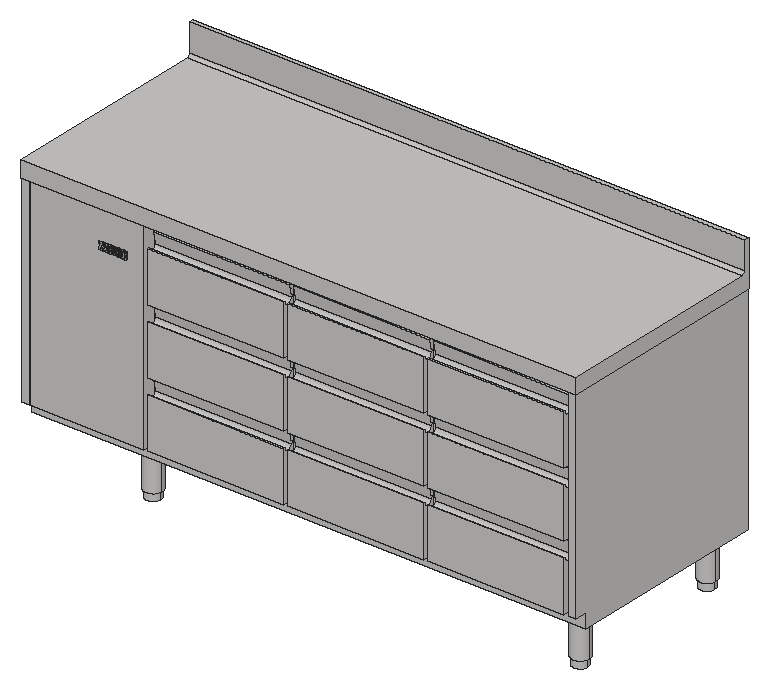
Revit family "QF_ZANUSSI_111050_ZH3H3CCC", category Specialty Equipment, Revit 2018 (continued)
Definition of nested family "ZAN_Cooling Unit"
  Lines and regions (mm)
    Split face 127
      outline origin (55.016, 2, -269.136) x (0, 0, 1) y (-1, 0, 0)
        loop
          arc (510.649, 158.547) -> (506.648, 162.548) -> (502.647, 158.547) r 4.001
          line (502.647, 158.547) -> (502.647, 116.535)
          arc (502.647, 116.535) -> (506.648, 112.533) -> (510.649, 116.535) r 4.001
          line (510.649, 116.535) -> (510.649, 158.547)
    Split face 128
      outline origin (55.016, 2, -281.14) x (0, 0, 1) y (-1, 0, 0)
        loop
          arc (510.649, 158.547) -> (506.648, 162.548) -> (502.647, 158.547) r 4.001
          line (502.647, 158.547) -> (502.647, 116.535)
          arc (502.647, 116.535) -> (506.648, 112.533) -> (510.649, 116.535) r 4.001
          line (510.649, 116.535) -> (510.649, 158.547)
    Split face 129
      outline origin (55.016, 2, -293.144) x (0, 0, 1) y (-1, 0, 0)
        loop
          arc (510.649, 158.547) -> (506.648, 162.548) -> (502.647, 158.547) r 4.001
          line (502.647, 158.547) -> (502.647, 116.535)
          arc (502.647, 116.535) -> (506.648, 112.533) -> (510.649, 116.535) r 4.001
          line (510.649, 116.535) -> (510.649, 158.547)
    Split face 130
      outline origin (110.032, 2, -113.091) x (0, 0, 1) y (-1, 0, 0)
        loop
          arc (510.649, 158.547) -> (506.648, 162.548) -> (502.647, 158.547) r 4.001
          line (502.647, 158.547) -> (502.647, 116.535)
          arc (502.647, 116.535) -> (506.648, 112.533) -> (510.649, 116.535) r 4.001
          line (510.649, 116.535) -> (510.649, 158.547)
    Split face 131
      outline origin (110.032, 2, -125.094) x (0, 0, 1) y (-1, 0, 0)
        loop
          arc (510.649, 158.547) -> (506.648, 162.548) -> (502.647, 158.547) r 4.001
          line (502.647, 158.547) -> (502.647, 116.535)
          arc (502.647, 116.535) -> (506.648, 112.533) -> (510.649, 116.535) r 4.001
          line (510.649, 116.535) -> (510.649, 158.547)
    Split face 132
      outline origin (110.032, 2, -137.098) x (0, 0, 1) y (-1, 0, 0)
        loop
          arc (510.649, 158.547) -> (506.648, 162.548) -> (502.647, 158.547) r 4.001
          line (502.647, 158.547) -> (502.647, 116.535)
          arc (502.647, 116.535) -> (506.648, 112.533) -> (510.649, 116.535) r 4.001
          line (510.649, 116.535) -> (510.649, 158.547)
    Split face 133
      outline origin (110.032, 2, -149.101) x (0, 0, 1) y (-1, 0, 0)
        loop
          arc (510.649, 158.547) -> (506.648, 162.548) -> (502.647, 158.547) r 4.001
          line (502.647, 158.547) -> (502.647, 116.535)
          arc (502.647, 116.535) -> (506.648, 112.533) -> (510.649, 116.535) r 4.001
          line (510.649, 116.535) -> (510.649, 158.547)
    Split face 134
      outline origin (110.032, 2, -161.105) x (0, 0, 1) y (-1, 0, 0)
        loop
          arc (510.649, 158.547) -> (506.648, 162.548) -> (502.647, 158.547) r 4.001
          line (502.647, 158.547) -> (502.647, 116.535)
          arc (502.647, 116.535) -> (506.648, 112.533) -> (510.649, 116.535) r 4.001
          line (510.649, 116.535) -> (510.649, 158.547)
    Split face 135
      outline origin (110.032, 2, -173.108) x (0, 0, 1) y (-1, 0, 0)
        loop
          arc (510.649, 158.547) -> (506.648, 162.548) -> (502.647, 158.547) r 4.001
          line (502.647, 158.547) -> (502.647, 116.535)
          arc (502.647, 116.535) -> (506.648, 112.533) -> (510.649, 116.535) r 4.001
          line (510.649, 116.535) -> (510.649, 158.547)
    Split face 136
      outline origin (110.032, 2, -185.112) x (0, 0, 1) y (-1, 0, 0)
        loop
          arc (510.649, 158.547) -> (506.648, 162.548) -> (502.647, 158.547) r 4.001
          line (502.647, 158.547) -> (502.647, 116.535)
          arc (502.647, 116.535) -> (506.648, 112.533) -> (510.649, 116.535) r 4.001
          line (510.649, 116.535) -> (510.649, 158.547)
    Split face 137
      outline origin (110.032, 2, -197.115) x (0, 0, 1) y (-1, 0, 0)
        loop
          arc (510.649, 158.547) -> (506.648, 162.548) -> (502.647, 158.547) r 4.001
          line (502.647, 158.547) -> (502.647, 116.535)
          arc (502.647, 116.535) -> (506.648, 112.533) -> (510.649, 116.535) r 4.001
          line (510.649, 116.535) -> (510.649, 158.547)
    Split face 138
      outline origin (110.032, 2, -209.119) x (0, 0, 1) y (-1, 0, 0)
        loop
          arc (510.649, 158.547) -> (506.648, 162.548) -> (502.647, 158.547) r 4.001
          line (502.647, 158.547) -> (502.647, 116.535)
          arc (502.647, 116.535) -> (506.648, 112.533) -> (510.649, 116.535) r 4.001
          line (510.649, 116.535) -> (510.649, 158.547)
    Split face 139
      outline origin (110.032, 2, -221.122) x (0, 0, 1) y (-1, 0, 0)
        loop
          arc (510.649, 158.547) -> (506.648, 162.548) -> (502.647, 158.547) r 4.001
          line (502.647, 158.547) -> (502.647, 116.535)
          arc (502.647, 116.535) -> (506.648, 112.533) -> (510.649, 116.535) r 4.001
          line (510.649, 116.535) -> (510.649, 158.547)
    Split face 140
      outline origin (110.032, 2, -233.126) x (0, 0, 1) y (-1, 0, 0)
        loop
          arc (510.649, 158.547) -> (506.648, 162.548) -> (502.647, 158.547) r 4.001
          line (502.647, 158.547) -> (502.647, 116.535)
          arc (502.647, 116.535) -> (506.648, 112.533) -> (510.649, 116.535) r 4.001
          line (510.649, 116.535) -> (510.649, 158.547)
    Split face 141
      outline origin (110.032, 2, -245.129) x (0, 0, 1) y (-1, 0, 0)
        loop
          arc (510.649, 158.547) -> (506.648, 162.548) -> (502.647, 158.547) r 4.001
          line (502.647, 158.547) -> (502.647, 116.535)
          arc (502.647, 116.535) -> (506.648, 112.533) -> (510.649, 116.535) r 4.001
          line (510.649, 116.535) -> (510.649, 158.547)
    Split face 142
      outline origin (110.032, 2, -257.133) x (0, 0, 1) y (-1, 0, 0)
        loop
          arc (510.649, 158.547) -> (506.648, 162.548) -> (502.647, 158.547) r 4.001
          line (502.647, 158.547) -> (502.647, 116.535)
          arc (502.647, 116.535) -> (506.648, 112.533) -> (510.649, 116.535) r 4.001
          line (510.649, 116.535) -> (510.649, 158.547)
    Split face 143
      outline origin (110.032, 2, -269.136) x (0, 0, 1) y (-1, 0, 0)
        loop
          arc (510.649, 158.547) -> (506.648, 162.548) -> (502.647, 158.547) r 4.001
          line (502.647, 158.547) -> (502.647, 116.535)
          arc (502.647, 116.535) -> (506.648, 112.533) -> (510.649, 116.535) r 4.001
          line (510.649, 116.535) -> (510.649, 158.547)
    Split face 144
      outline origin (110.032, 2, -281.14) x (0, 0, 1) y (-1, 0, 0)
        loop
          arc (510.649, 158.547) -> (506.648, 162.548) -> (502.647, 158.547) r 4.001
          line (502.647, 158.547) -> (502.647, 116.535)
          arc (502.647, 116.535) -> (506.648, 112.533) -> (510.649, 116.535) r 4.001
          line (510.649, 116.535) -> (510.649, 158.547)
    Split face 145
      outline origin (110.032, 2, -293.144) x (0, 0, 1) y (-1, 0, 0)
        loop
          arc (510.649, 158.547) -> (506.648, 162.548) -> (502.647, 158.547) r 4.001
          line (502.647, 158.547) -> (502.647, 116.535)
          arc (502.647, 116.535) -> (506.648, 112.533) -> (510.649, 116.535) r 4.001
          line (510.649, 116.535) -> (510.649, 158.547)
    Split face 146
      outline origin (165.048, 2, -113.091) x (0, 0, 1) y (-1, 0, 0)
        loop
          arc (510.649, 158.547) -> (506.648, 162.548) -> (502.647, 158.547) r 4.001
          line (502.647, 158.547) -> (502.647, 116.535)
          arc (502.647, 116.535) -> (506.648, 112.533) -> (510.649, 116.535) r 4.001
          line (510.649, 116.535) -> (510.649, 158.547)
    Split face 147
      outline origin (165.048, 2, -125.094) x (0, 0, 1) y (-1, 0, 0)
        loop
          arc (510.649, 158.547) -> (506.648, 162.548) -> (502.647, 158.547) r 4.001
          line (502.647, 158.547) -> (502.647, 116.535)
          arc (502.647, 116.535) -> (506.648, 112.533) -> (510.649, 116.535) r 4.001
          line (510.649, 116.535) -> (510.649, 158.547)
    Split face 148
      outline origin (165.048, 2, -137.098) x (0, 0, 1) y (-1, 0, 0)
        loop
          arc (510.649, 158.547) -> (506.648, 162.548) -> (502.647, 158.547) r 4.001
          line (502.647, 158.547) -> (502.647, 116.535)
          arc (502.647, 116.535) -> (506.648, 112.533) -> (510.649, 116.535) r 4.001
          line (510.649, 116.535) -> (510.649, 158.547)
    Split face 149
      outline origin (165.048, 2, -149.101) x (0, 0, 1) y (-1, 0, 0)
        loop
          arc (510.649, 158.547) -> (506.648, 162.548) -> (502.647, 158.547) r 4.001
          line (502.647, 158.547) -> (502.647, 116.535)
          arc (502.647, 116.535) -> (506.648, 112.533) -> (510.649, 116.535) r 4.001
          line (510.649, 116.535) -> (510.649, 158.547)
    Split face 150
      outline origin (165.048, 2, -161.105) x (0, 0, 1) y (-1, 0, 0)
        loop
          arc (510.649, 158.547) -> (506.648, 162.548) -> (502.647, 158.547) r 4.001
          line (502.647, 158.547) -> (502.647, 116.535)
          arc (502.647, 116.535) -> (506.648, 112.533) -> (510.649, 116.535) r 4.001
          line (510.649, 116.535) -> (510.649, 158.547)
    Split face 151
      outline origin (165.048, 2, -173.108) x (0, 0, 1) y (-1, 0, 0)
        loop
          arc (510.649, 158.547) -> (506.648, 162.548) -> (502.647, 158.547) r 4.001
          line (502.647, 158.547) -> (502.647, 116.535)
          arc (502.647, 116.535) -> (506.648, 112.533) -> (510.649, 116.535) r 4.001
          line (510.649, 116.535) -> (510.649, 158.547)
    Split face 152
      outline origin (165.048, 2, -185.112) x (0, 0, 1) y (-1, 0, 0)
        loop
          arc (510.649, 158.547) -> (506.648, 162.548) -> (502.647, 158.547) r 4.001
          line (502.647, 158.547) -> (502.647, 116.535)
          arc (502.647, 116.535) -> (506.648, 112.533) -> (510.649, 116.535) r 4.001
          line (510.649, 116.535) -> (510.649, 158.547)
    Split face 153
      outline origin (165.048, 2, -197.115) x (0, 0, 1) y (-1, 0, 0)
        loop
          arc (510.649, 158.547) -> (506.648, 162.548) -> (502.647, 158.547) r 4.001
          line (502.647, 158.547) -> (502.647, 116.535)
          arc (502.647, 116.535) -> (506.648, 112.533) -> (510.649, 116.535) r 4.001
          line (510.649, 116.535) -> (510.649, 158.547)
    Split face 154
      outline origin (165.048, 2, -209.119) x (0, 0, 1) y (-1, 0, 0)
        loop
          arc (510.649, 158.547) -> (506.648, 162.548) -> (502.647, 158.547) r 4.001
          line (502.647, 158.547) -> (502.647, 116.535)
          arc (502.647, 116.535) -> (506.648, 112.533) -> (510.649, 116.535) r 4.001
          line (510.649, 116.535) -> (510.649, 158.547)
    Split face 155
      outline origin (165.048, 2, -221.122) x (0, 0, 1) y (-1, 0, 0)
        loop
          arc (510.649, 158.547) -> (506.648, 162.548) -> (502.647, 158.547) r 4.001
          line (502.647, 158.547) -> (502.647, 116.535)
          arc (502.647, 116.535) -> (506.648, 112.533) -> (510.649, 116.535) r 4.001
          line (510.649, 116.535) -> (510.649, 158.547)
    Split face 156
      outline origin (165.048, 2, -233.126) x (0, 0, 1) y (-1, 0, 0)
        loop
          arc (510.649, 158.547) -> (506.648, 162.548) -> (502.647, 158.547) r 4.001
          line (502.647, 158.547) -> (502.647, 116.535)
          arc (502.647, 116.535) -> (506.648, 112.533) -> (510.649, 116.535) r 4.001
          line (510.649, 116.535) -> (510.649, 158.547)
    Split face 157
      outline origin (165.048, 2, -245.129) x (0, 0, 1) y (-1, 0, 0)
        loop
          arc (510.649, 158.547) -> (506.648, 162.548) -> (502.647, 158.547) r 4.001
          line (502.647, 158.547) -> (502.647, 116.535)
          arc (502.647, 116.535) -> (506.648, 112.533) -> (510.649, 116.535) r 4.001
          line (510.649, 116.535) -> (510.649, 158.547)
    Split face 158
      outline origin (165.048, 2, -257.133) x (0, 0, 1) y (-1, 0, 0)
        loop
          arc (510.649, 158.547) -> (506.648, 162.548) -> (502.647, 158.547) r 4.001
          line (502.647, 158.547) -> (502.647, 116.535)
          arc (502.647, 116.535) -> (506.648, 112.533) -> (510.649, 116.535) r 4.001
          line (510.649, 116.535) -> (510.649, 158.547)
    Split face 159
      outline origin (165.048, 2, -269.136) x (0, 0, 1) y (-1, 0, 0)
        loop
          arc (510.649, 158.547) -> (506.648, 162.548) -> (502.647, 158.547) r 4.001
          line (502.647, 158.547) -> (502.647, 116.535)
          arc (502.647, 116.535) -> (506.648, 112.533) -> (510.649, 116.535) r 4.001
          line (510.649, 116.535) -> (510.649, 158.547)
    Split face 160
      outline origin (165.048, 2, -281.14) x (0, 0, 1) y (-1, 0, 0)
        loop
          arc (510.649, 158.547) -> (506.648, 162.548) -> (502.647, 158.547) r 4.001
          line (502.647, 158.547) -> (502.647, 116.535)
          arc (502.647, 116.535) -> (506.648, 112.533) -> (510.649, 116.535) r 4.001
          line (510.649, 116.535) -> (510.649, 158.547)
    Split face 161
      outline origin (165.048, 2, -293.144) x (0, 0, 1) y (-1, 0, 0)
        loop
          arc (510.649, 158.547) -> (506.648, 162.548) -> (502.647, 158.547) r 4.001
          line (502.647, 158.547) -> (502.647, 116.535)
          arc (502.647, 116.535) -> (506.648, 112.533) -> (510.649, 116.535) r 4.001
          line (510.649, 116.535) -> (510.649, 158.547)
    Split face 162
      outline origin (220.064, 2, -113.091) x (0, 0, 1) y (-1, 0, 0)
        loop
          arc (510.649, 158.547) -> (506.648, 162.548) -> (502.647, 158.547) r 4.001
          line (502.647, 158.547) -> (502.647, 116.535)
          arc (502.647, 116.535) -> (506.648, 112.533) -> (510.649, 116.535) r 4.001
          line (510.649, 116.535) -> (510.649, 158.547)
    Split face 163
      outline origin (220.064, 2, -125.094) x (0, 0, 1) y (-1, 0, 0)
        loop
          arc (510.649, 158.547) -> (506.648, 162.548) -> (502.647, 158.547) r 4.001
          line (502.647, 158.547) -> (502.647, 116.535)
          arc (502.647, 116.535) -> (506.648, 112.533) -> (510.649, 116.535) r 4.001
          line (510.649, 116.535) -> (510.649, 158.547)
    Split face 164
      outline origin (220.064, 2, -137.098) x (0, 0, 1) y (-1, 0, 0)
        loop
          arc (510.649, 158.547) -> (506.648, 162.548) -> (502.647, 158.547) r 4.001
          line (502.647, 158.547) -> (502.647, 116.535)
          arc (502.647, 116.535) -> (506.648, 112.533) -> (510.649, 116.535) r 4.001
          line (510.649, 116.535) -> (510.649, 158.547)
    Split face 165
      outline origin (220.064, 2, -149.101) x (0, 0, 1) y (-1, 0, 0)
        loop
          arc (510.649, 158.547) -> (506.648, 162.548) -> (502.647, 158.547) r 4.001
          line (502.647, 158.547) -> (502.647, 116.535)
          arc (502.647, 116.535) -> (506.648, 112.533) -> (510.649, 116.535) r 4.001
          line (510.649, 116.535) -> (510.649, 158.547)
    Split face 166
      outline origin (220.064, 2, -161.105) x (0, 0, 1) y (-1, 0, 0)
        loop
          arc (510.649, 158.547) -> (506.648, 162.548) -> (502.647, 158.547) r 4.001
          line (502.647, 158.547) -> (502.647, 116.535)
          arc (502.647, 116.535) -> (506.648, 112.533) -> (510.649, 116.535) r 4.001
          line (510.649, 116.535) -> (510.649, 158.547)
    Split face 167
      outline origin (220.064, 2, -173.108) x (0, 0, 1) y (-1, 0, 0)
        loop
          arc (510.649, 158.547) -> (506.648, 162.548) -> (502.647, 158.547) r 4.001
          line (502.647, 158.547) -> (502.647, 116.535)
          arc (502.647, 116.535) -> (506.648, 112.533) -> (510.649, 116.535) r 4.001
          line (510.649, 116.535) -> (510.649, 158.547)
    Split face 168
      outline origin (220.064, 2, -185.112) x (0, 0, 1) y (-1, 0, 0)
        loop
          arc (510.649, 158.547) -> (506.648, 162.548) -> (502.647, 158.547) r 4.001
          line (502.647, 158.547) -> (502.647, 116.535)
          arc (502.647, 116.535) -> (506.648, 112.533) -> (510.649, 116.535) r 4.001
          line (510.649, 116.535) -> (510.649, 158.547)
    Split face 169
      outline origin (220.064, 2, -197.115) x (0, 0, 1) y (-1, 0, 0)
        loop
          arc (510.649, 158.547) -> (506.648, 162.548) -> (502.647, 158.547) r 4.001
          line (502.647, 158.547) -> (502.647, 116.535)
          arc (502.647, 116.535) -> (506.648, 112.533) -> (510.649, 116.535) r 4.001
          line (510.649, 116.535) -> (510.649, 158.547)
    Split face 170
      outline origin (220.064, 2, -209.119) x (0, 0, 1) y (-1, 0, 0)
        loop
          arc (510.649, 158.547) -> (506.648, 162.548) -> (502.647, 158.547) r 4.001
          line (502.647, 158.547) -> (502.647, 116.535)
          arc (502.647, 116.535) -> (506.648, 112.533) -> (510.649, 116.535) r 4.001
          line (510.649, 116.535) -> (510.649, 158.547)
    Split face 171
      outline origin (220.064, 2, -221.122) x (0, 0, 1) y (-1, 0, 0)
        loop
          arc (510.649, 158.547) -> (506.648, 162.548) -> (502.647, 158.547) r 4.001
          line (502.647, 158.547) -> (502.647, 116.535)
          arc (502.647, 116.535) -> (506.648, 112.533) -> (510.649, 116.535) r 4.001
          line (510.649, 116.535) -> (510.649, 158.547)
    Split face 172
      outline origin (220.064, 2, -233.126) x (0, 0, 1) y (-1, 0, 0)
        loop
          arc (510.649, 158.547) -> (506.648, 162.548) -> (502.647, 158.547) r 4.001
          line (502.647, 158.547) -> (502.647, 116.535)
          arc (502.647, 116.535) -> (506.648, 112.533) -> (510.649, 116.535) r 4.001
          line (510.649, 116.535) -> (510.649, 158.547)
    Split face 173
      outline origin (220.064, 2, -245.129) x (0, 0, 1) y (-1, 0, 0)
        loop
          arc (510.649, 158.547) -> (506.648, 162.548) -> (502.647, 158.547) r 4.001
          line (502.647, 158.547) -> (502.647, 116.535)
          arc (502.647, 116.535) -> (506.648, 112.533) -> (510.649, 116.535) r 4.001
          line (510.649, 116.535) -> (510.649, 158.547)
    Split face 174
      outline origin (220.064, 2, -257.133) x (0, 0, 1) y (-1, 0, 0)
        loop
          arc (510.649, 158.547) -> (506.648, 162.548) -> (502.647, 158.547) r 4.001
          line (502.647, 158.547) -> (502.647, 116.535)
          arc (502.647, 116.535) -> (506.648, 112.533) -> (510.649, 116.535) r 4.001
          line (510.649, 116.535) -> (510.649, 158.547)
    Split face 175
      outline origin (220.064, 2, -269.136) x (0, 0, 1) y (-1, 0, 0)
        loop
          arc (510.649, 158.547) -> (506.648, 162.548) -> (502.647, 158.547) r 4.001
          line (502.647, 158.547) -> (502.647, 116.535)
          arc (502.647, 116.535) -> (506.648, 112.533) -> (510.649, 116.535) r 4.001
          line (510.649, 116.535) -> (510.649, 158.547)
    Split face 176
      outline origin (220.064, 2, -281.14) x (0, 0, 1) y (-1, 0, 0)
        loop
          arc (510.649, 158.547) -> (506.648, 162.548) -> (502.647, 158.547) r 4.001
          line (502.647, 158.547) -> (502.647, 116.535)
          arc (502.647, 116.535) -> (506.648, 112.533) -> (510.649, 116.535) r 4.001
          line (510.649, 116.535) -> (510.649, 158.547)
    Split face 177
      outline origin (220.064, 2, -293.144) x (0, 0, 1) y (-1, 0, 0)
        loop
          arc (510.649, 158.547) -> (506.648, 162.548) -> (502.647, 158.547) r 4.001
          line (502.647, 158.547) -> (502.647, 116.535)
          arc (502.647, 116.535) -> (506.648, 112.533) -> (510.649, 116.535) r 4.001
          line (510.649, 116.535) -> (510.649, 158.547)
    Split face 178
      outline origin (275.081, 2, -113.091) x (0, 0, 1) y (-1, 0, 0)
        loop
          arc (510.649, 158.547) -> (506.648, 162.548) -> (502.647, 158.547) r 4.001
          line (502.647, 158.547) -> (502.647, 116.535)
          arc (502.647, 116.535) -> (506.648, 112.533) -> (510.649, 116.535) r 4.001
          line (510.649, 116.535) -> (510.649, 158.547)
    Split face 179
      outline origin (275.081, 2, -125.094) x (0, 0, 1) y (-1, 0, 0)
        loop
          arc (510.649, 158.547) -> (506.648, 162.548) -> (502.647, 158.547) r 4.001
          line (502.647, 158.547) -> (502.647, 116.535)
          arc (502.647, 116.535) -> (506.648, 112.533) -> (510.649, 116.535) r 4.001
          line (510.649, 116.535) -> (510.649, 158.547)
    Split face 180
      outline origin (275.081, 2, -137.098) x (0, 0, 1) y (-1, 0, 0)
        loop
          arc (510.649, 158.547) -> (506.648, 162.548) -> (502.647, 158.547) r 4.001
          line (502.647, 158.547) -> (502.647, 116.535)
          arc (502.647, 116.535) -> (506.648, 112.533) -> (510.649, 116.535) r 4.001
          line (510.649, 116.535) -> (510.649, 158.547)
    Split face 181
      outline origin (275.081, 2, -149.101) x (0, 0, 1) y (-1, 0, 0)
        loop
          arc (510.649, 158.547) -> (506.648, 162.548) -> (502.647, 158.547) r 4.001
          line (502.647, 158.547) -> (502.647, 116.535)
          arc (502.647, 116.535) -> (506.648, 112.533) -> (510.649, 116.535) r 4.001
          line (510.649, 116.535) -> (510.649, 158.547)
    Split face 182
      outline origin (275.081, 2, -161.105) x (0, 0, 1) y (-1, 0, 0)
        loop
          arc (510.649, 158.547) -> (506.648, 162.548) -> (502.647, 158.547) r 4.001
          line (502.647, 158.547) -> (502.647, 116.535)
          arc (502.647, 116.535) -> (506.648, 112.533) -> (510.649, 116.535) r 4.001
          line (510.649, 116.535) -> (510.649, 158.547)
    Split face 183
      outline origin (275.081, 2, -173.108) x (0, 0, 1) y (-1, 0, 0)
        loop
          arc (510.649, 158.547) -> (506.648, 162.548) -> (502.647, 158.547) r 4.001
          line (502.647, 158.547) -> (502.647, 116.535)
          arc (502.647, 116.535) -> (506.648, 112.533) -> (510.649, 116.535) r 4.001
          line (510.649, 116.535) -> (510.649, 158.547)
    Split face 184
      outline origin (275.081, 2, -185.112) x (0, 0, 1) y (-1, 0, 0)
        loop
          arc (510.649, 158.547) -> (506.648, 162.548) -> (502.647, 158.547) r 4.001
          line (502.647, 158.547) -> (502.647, 116.535)
          arc (502.647, 116.535) -> (506.648, 112.533) -> (510.649, 116.535) r 4.001
          line (510.649, 116.535) -> (510.649, 158.547)
    Split face 185
      outline origin (275.081, 2, -197.115) x (0, 0, 1) y (-1, 0, 0)
        loop
          arc (510.649, 158.547) -> (506.648, 162.548) -> (502.647, 158.547) r 4.001
          line (502.647, 158.547) -> (502.647, 116.535)
          arc (502.647, 116.535) -> (506.648, 112.533) -> (510.649, 116.535) r 4.001
          line (510.649, 116.535) -> (510.649, 158.547)
    Split face 186
      outline origin (275.081, 2, -209.119) x (0, 0, 1) y (-1, 0, 0)
        loop
          arc (510.649, 158.547) -> (506.648, 162.548) -> (502.647, 158.547) r 4.001
          line (502.647, 158.547) -> (502.647, 116.535)
          arc (502.647, 116.535) -> (506.648, 112.533) -> (510.649, 116.535) r 4.001
          line (510.649, 116.535) -> (510.649, 158.547)
    Split face 187
      outline origin (275.081, 2, -221.122) x (0, 0, 1) y (-1, 0, 0)
        loop
          arc (510.649, 158.547) -> (506.648, 162.548) -> (502.647, 158.547) r 4.001
          line (502.647, 158.547) -> (502.647, 116.535)
          arc (502.647, 116.535) -> (506.648, 112.533) -> (510.649, 116.535) r 4.001
          line (510.649, 116.535) -> (510.649, 158.547)
    Split face 188
      outline origin (275.081, 2, -233.126) x (0, 0, 1) y (-1, 0, 0)
        loop
          arc (510.649, 158.547) -> (506.648, 162.548) -> (502.647, 158.547) r 4.001
          line (502.647, 158.547) -> (502.647, 116.535)
          arc (502.647, 116.535) -> (506.648, 112.533) -> (510.649, 116.535) r 4.001
          line (510.649, 116.535) -> (510.649, 158.547)
    Split face 189
      outline origin (275.081, 2, -245.129) x (0, 0, 1) y (-1, 0, 0)
        loop
          arc (510.649, 158.547) -> (506.648, 162.548) -> (502.647, 158.547) r 4.001
          line (502.647, 158.547) -> (502.647, 116.535)
          arc (502.647, 116.535) -> (506.648, 112.533) -> (510.649, 116.535) r 4.001
          line (510.649, 116.535) -> (510.649, 158.547)
    Split face 190
      outline origin (275.081, 2, -257.133) x (0, 0, 1) y (-1, 0, 0)
        loop
          arc (510.649, 158.547) -> (506.648, 162.548) -> (502.647, 158.547) r 4.001
          line (502.647, 158.547) -> (502.647, 116.535)
          arc (502.647, 116.535) -> (506.648, 112.533) -> (510.649, 116.535) r 4.001
          line (510.649, 116.535) -> (510.649, 158.547)
    Split face 191
      outline origin (275.081, 2, -269.136) x (0, 0, 1) y (-1, 0, 0)
        loop
          arc (510.649, 158.547) -> (506.648, 162.548) -> (502.647, 158.547) r 4.001
          line (502.647, 158.547) -> (502.647, 116.535)
          arc (502.647, 116.535) -> (506.648, 112.533) -> (510.649, 116.535) r 4.001
          line (510.649, 116.535) -> (510.649, 158.547)
    Split face 192
      outline origin (275.081, 2, -281.14) x (0, 0, 1) y (-1, 0, 0)
        loop
          arc (510.649, 158.547) -> (506.648, 162.548) -> (502.647, 158.547) r 4.001
          line (502.647, 158.547) -> (502.647, 116.535)
          arc (502.647, 116.535) -> (506.648, 112.533) -> (510.649, 116.535) r 4.001
          line (510.649, 116.535) -> (510.649, 158.547)
    Split face 193
      outline origin (275.081, 2, -293.144) x (0, 0, 1) y (-1, 0, 0)
        loop
          arc (510.649, 158.547) -> (506.648, 162.548) -> (502.647, 158.547) r 4.001
          line (502.647, 158.547) -> (502.647, 116.535)
          arc (502.647, 116.535) -> (506.648, 112.533) -> (510.649, 116.535) r 4.001
          line (510.649, 116.535) -> (510.649, 158.547)
    Split face 194
      outline origin (0, 2, 197) x (0, 0, 1) y (-1, 0, 0)
        loop
          spline (566.835, 20.381) -> (564.628, 19.058) -> (561.987, 18.027) -> (558.955, 17.386) -> (555.581, 17.244) -> (551.912, 17.703) -> (547.993, 18.863) -> (543.871, 20.83) -> (539.591, 23.706) -> (535.202, 27.594) -> (530.748, 32.597) -> (526.28, 38.824) -> (521.835, 46.362)
        loop
          spline (521.835, 58.392) -> (525.386, 49.242) -> (529.197, 41.481) -> (533.2, 35.023) -> (537.329, 29.786) -> (541.516, 25.684) -> (545.695, 22.634) -> (549.798, 20.552) -> (553.759, 19.355) -> (557.511, 18.958) -> (560.984, 19.275) -> (564.115, 20.227) -> (566.835, 21.726)
    Split face 195
      outline origin (0, 2, 197) x (0, 0, 1) y (-1, 0, 0)
        loop
          line (555.835, 149.5) -> (532.835, 149.5) -> (532.835, 94.5) -> (555.835, 94.5) -> (555.835, 149.5)
  Dimensions and locks
    aligned and locked: level to plane 2
  Nested families
    nested 1: "ZAN_Logo_S_Grey" at (85, 2, 741.213) x (1, 0, 0) z (0, -1, 0), visible <- "Show Logo", type "ZAN_Logo_S_Grey"
  Definition of nested family "ZAN_Logo_S_Grey"
    Parameters
      Default Elevation = 0 mm
    Reference planes
      plane 1 "Centro (Fronte/Retro)": y = 0
      plane 2: z = 0
      plane 3 "Centro (Sinistra/Destra)": x = 0
    Forms (mm)
      Extrusion 1, solid
        sketch origin (0, 0, 0) x (1, 0, 0) y (0, 1, 0)
          loop
            line (-1219.2, 1219.2) -> (-1219.2, -1219.2) -> (1219.2, -1219.2) -> (1219.2, 1219.2) -> (-1219.2, 1219.2)
        from 0 to -304.8
      Extrusion 2, solid
        sketch origin (17.793, -46.218, 0) x (-1, 0, 0) y (0, -1, 0)
          loop
            spline (-4.176, -58.079) -> (-3.496, -58.328) -> (-2.793, -58.512) -> (-2.075, -58.63) -> (-1.348, -58.682) -> (-0.619, -58.669) -> (0.106, -58.588) -> (0.818, -58.44) -> (1.512, -58.225) -> (2.18, -57.941) -> (2.817, -57.589) -> (3.414, -57.167) -> (3.966, -56.676)
            spline (3.966, -56.676) -> (4.293, -56.162) -> (4.575, -55.61) -> (4.81, -55.026) -> (5, -54.419) -> (5.146, -53.797) -> (5.247, -53.166) -> (5.304, -52.536) -> (5.318, -51.913) -> (5.288, -51.306) -> (5.217, -50.723) -> (5.103, -50.17) -> (4.949, -49.657)
            line (4.949, -49.657) -> (2.702, -46.428) -> (0.316, -44.323)
            spline (0.316, -44.323) -> (0.065, -44.115) -> (-0.195, -43.909) -> (-0.46, -43.704) -> (-0.729, -43.496) -> (-0.997, -43.282) -> (-1.263, -43.059) -> (-1.523, -42.825) -> (-1.774, -42.576) -> (-2.013, -42.309) -> (-2.238, -42.022) -> (-2.445, -41.712) -> (-2.632, -41.375)
            spline (-2.632, -41.375) -> (-2.666, -41.159) -> (-2.697, -40.934) -> (-2.722, -40.701) -> (-2.736, -40.465) -> (-2.736, -40.227) -> (-2.72, -39.989) -> (-2.682, -39.754) -> (-2.621, -39.524) -> (-2.533, -39.302) -> (-2.414, -39.091) -> (-2.261, -38.892) -> (-2.07, -38.708)
            line (-2.07, -38.708) -> (-0.245, -38.567)
            spline (-0.245, -38.567) -> (0.096, -38.8) -> (0.354, -39.074) -> (0.54, -39.381) -> (0.664, -39.716) -> (0.738, -40.073) -> (0.772, -40.445) -> (0.777, -40.825) -> (0.763, -41.208) -> (0.742, -41.588) -> (0.723, -41.957) -> (0.718, -42.309) -> (0.737, -42.638)
            line (0.737, -42.638) -> (5.65, -42.638)
            spline (5.65, -42.638) -> (5.708, -42.042) -> (5.741, -41.448) -> (5.747, -40.857) -> (5.723, -40.273) -> (5.668, -39.696) -> (5.58, -39.129) -> (5.457, -38.574) -> (5.297, -38.032) -> (5.098, -37.506) -> (4.857, -36.997) -> (4.574, -36.508) -> (4.247, -36.041)
            spline (4.247, -36.041) -> (3.844, -35.675) -> (3.409, -35.35) -> (2.946, -35.065) -> (2.458, -34.819) -> (1.949, -34.612) -> (1.421, -34.444) -> (0.88, -34.314) -> (0.326, -34.221) -> (-0.234, -34.165) -> (-0.8, -34.146) -> (-1.366, -34.163) -> (-1.93, -34.216)
            spline (-1.93, -34.216) -> (-2.526, -34.309) -> (-3.116, -34.448) -> (-3.695, -34.633) -> (-4.259, -34.861) -> (-4.801, -35.131) -> (-5.316, -35.444) -> (-5.799, -35.798) -> (-6.245, -36.191) -> (-6.648, -36.624) -> (-7.002, -37.095) -> (-7.303, -37.603) -> (-7.545, -38.146)
            spline (-7.545, -38.146) -> (-7.694, -38.815) -> (-7.792, -39.487) -> (-7.839, -40.158) -> (-7.836, -40.824) -> (-7.785, -41.482) -> (-7.685, -42.129) -> (-7.539, -42.762) -> (-7.347, -43.377) -> (-7.111, -43.97) -> (-6.83, -44.538) -> (-6.506, -45.078) -> (-6.141, -45.586)
            line (-6.141, -45.586) -> (-0.526, -50.64) -> (0.176, -51.482)
            spline (0.176, -51.482) -> (0.248, -51.66) -> (0.323, -51.843) -> (0.397, -52.03) -> (0.467, -52.22) -> (0.529, -52.412) -> (0.579, -52.605) -> (0.615, -52.798) -> (0.633, -52.989) -> (0.63, -53.179) -> (0.601, -53.366) -> (0.545, -53.55) -> (0.456, -53.728)
            spline (0.456, -53.728) -> (0.375, -53.892) -> (0.273, -54.034) -> (0.154, -54.155) -> (0.02, -54.258) -> (-0.126, -54.343) -> (-0.28, -54.412) -> (-0.441, -54.466) -> (-0.604, -54.508) -> (-0.767, -54.537) -> (-0.928, -54.556) -> (-1.082, -54.567) -> (-1.228, -54.57)
            line (-1.228, -54.57) -> (-2.632, -53.587) -> (-2.772, -50.64) -> (-7.405, -50.64)
            spline (-7.405, -50.64) -> (-7.41, -51.031) -> (-7.423, -51.432) -> (-7.44, -51.839) -> (-7.456, -52.251) -> (-7.469, -52.665) -> (-7.475, -53.079) -> (-7.468, -53.489) -> (-7.446, -53.894) -> (-7.404, -54.291) -> (-7.339, -54.679) -> (-7.247, -55.053) -> (-7.123, -55.412)
            spline (-7.123, -55.412) -> (-6.999, -55.693) -> (-6.837, -55.97) -> (-6.643, -56.244) -> (-6.422, -56.509) -> (-6.177, -56.765) -> (-5.913, -57.009) -> (-5.634, -57.238) -> (-5.346, -57.45) -> (-5.051, -57.643) -> (-4.755, -57.814) -> (-4.462, -57.96) -> (-4.176, -58.079)
          loop
            spline (-21.021, -55.552) -> (-20.633, -56.181) -> (-20.177, -56.736) -> (-19.661, -57.217) -> (-19.092, -57.627) -> (-18.478, -57.966) -> (-17.827, -58.237) -> (-17.147, -58.441) -> (-16.446, -58.578) -> (-15.73, -58.652) -> (-15.009, -58.662) -> (-14.29, -58.611) -> (-13.581, -58.5)
            spline (-13.581, -58.5) -> (-13.088, -58.407) -> (-12.595, -58.269) -> (-12.109, -58.088) -> (-11.636, -57.866) -> (-11.183, -57.605) -> (-10.756, -57.307) -> (-10.361, -56.974) -> (-10.004, -56.608) -> (-9.692, -56.211) -> (-9.431, -55.784) -> (-9.228, -55.33) -> (-9.089, -54.851)
            spline (-9.089, -54.851) -> (-8.873, -54.211) -> (-8.715, -53.559) -> (-8.615, -52.901) -> (-8.574, -52.241) -> (-8.592, -51.585) -> (-8.668, -50.938) -> (-8.802, -50.306) -> (-8.995, -49.693) -> (-9.247, -49.106) -> (-9.557, -48.55) -> (-9.925, -48.03) -> (-10.352, -47.551)
            line (-10.352, -47.551) -> (-15.546, -42.919) -> (-16.669, -41.234)
            spline (-16.669, -41.234) -> (-16.704, -41.021) -> (-16.735, -40.804) -> (-16.761, -40.583) -> (-16.778, -40.361) -> (-16.784, -40.139) -> (-16.774, -39.919) -> (-16.748, -39.701) -> (-16.7, -39.488) -> (-16.63, -39.28) -> (-16.533, -39.08) -> (-16.406, -38.889) -> (-16.248, -38.708)
            line (-16.248, -38.708) -> (-14.844, -38.427)
            spline (-14.844, -38.427) -> (-14.347, -38.545) -> (-13.969, -38.749) -> (-13.695, -39.028) -> (-13.508, -39.368) -> (-13.393, -39.757) -> (-13.335, -40.182) -> (-13.318, -40.63) -> (-13.326, -41.089) -> (-13.344, -41.546) -> (-13.356, -41.988) -> (-13.347, -42.403) -> (-13.3, -42.779)
            line (-13.3, -42.779) -> (-8.387, -42.638)
            spline (-8.387, -42.638) -> (-8.326, -42.034) -> (-8.288, -41.417) -> (-8.277, -40.794) -> (-8.299, -40.169) -> (-8.357, -39.548) -> (-8.457, -38.936) -> (-8.604, -38.339) -> (-8.803, -37.762) -> (-9.058, -37.21) -> (-9.375, -36.689) -> (-9.758, -36.204) -> (-10.212, -35.76)
            spline (-10.212, -35.76) -> (-10.793, -35.336) -> (-11.409, -34.976) -> (-12.054, -34.679) -> (-12.723, -34.445) -> (-13.409, -34.273) -> (-14.107, -34.163) -> (-14.811, -34.115) -> (-15.515, -34.127) -> (-16.213, -34.2) -> (-16.899, -34.333) -> (-17.568, -34.526) -> (-18.213, -34.777)
            spline (-18.213, -34.777) -> (-18.496, -34.897) -> (-18.783, -35.044) -> (-19.071, -35.216) -> (-19.357, -35.412) -> (-19.639, -35.629) -> (-19.915, -35.865) -> (-20.182, -36.119) -> (-20.438, -36.389) -> (-20.681, -36.672) -> (-20.907, -36.967) -> (-21.115, -37.272) -> (-21.301, -37.585)
            spline (-21.301, -37.585) -> (-21.55, -38.26) -> (-21.734, -38.948) -> (-21.854, -39.647) -> (-21.91, -40.351) -> (-21.901, -41.057) -> (-21.828, -41.761) -> (-21.69, -42.459) -> (-21.489, -43.148) -> (-21.222, -43.823) -> (-20.892, -44.48) -> (-20.497, -45.116) -> (-20.038, -45.726)
            line (-20.038, -45.726) -> (-14.142, -51.061) -> (-13.44, -52.886) -> (-14.002, -54.289) -> (-15.265, -54.57) -> (-16.669, -53.587) -> (-16.81, -50.78) -> (-21.582, -50.64)
            spline (-21.582, -50.64) -> (-21.558, -51.063) -> (-21.55, -51.491) -> (-21.554, -51.92) -> (-21.561, -52.35) -> (-21.567, -52.778) -> (-21.565, -53.201) -> (-21.547, -53.619) -> (-21.509, -54.029) -> (-21.444, -54.43) -> (-21.345, -54.818) -> (-21.206, -55.193) -> (-21.021, -55.552)
          loop
            line (-22.424, -34.216) -> (-27.337, -34.216) -> (-27.337, -58.22) -> (-22.424, -58.22) -> (-22.424, -34.216)
          loop
            line (14.213, -39.971) -> (14.213, -58.22) -> (19.126, -58.22) -> (19.126, -42.077) -> (18.845, -38.146) -> (18.424, -37.164) -> (17.442, -35.9) -> (16.459, -35.199) -> (14.494, -34.356) -> (13.511, -34.216) -> (11.265, -34.216) -> (10.142, -34.497) -> (8.458, -35.479) -> (6.493, -38.287) -> (6.352, -39.269) -> (6.352, -58.22) -> (11.265, -58.22) -> (11.265, -40.392) -> (11.827, -39.129) -> (13.371, -38.988) -> (14.213, -39.971)
          loop
            line (20.249, -58.22) -> (24.741, -58.22) -> (24.741, -42.919) -> (28.812, -58.22) -> (34.006, -58.22) -> (34.006, -34.216) -> (29.654, -34.216) -> (29.654, -50.078) -> (25.583, -34.216) -> (20.249, -34.216) -> (20.249, -58.22)
          loop
            line (50.149, -58.22) -> (62.361, -58.22) -> (62.361, -53.728) -> (55.904, -53.868) -> (62.923, -39.129) -> (62.923, -34.216) -> (50.149, -34.216) -> (50.149, -39.129) -> (57.517, -39.129) -> (50.149, -54.149) -> (50.149, -58.22)
          loop
            line (38.778, -58.22) -> (45.516, -58.22) -> (49.868, -34.216) -> (44.814, -34.216) -> (44.113, -38.848) -> (40.042, -38.848) -> (39.34, -34.216) -> (34.286, -34.216) -> (38.778, -58.22)
          loop
            line (43.551, -43.2) -> (40.744, -43.2) -> (42.147, -54.117) -> (43.551, -43.2)
        from 0 to 1.644
    Dimensions and locks
      aligned and locked: plane 2 to Extrusion 1
      aligned and locked: level to Extrusion 1
Definition of nested family "Refrigerator"
  Reference planes
    plane 1 "Center (Front/Back)": y = 0
    plane 2: z = 0
    plane 3 "Center (Left/Right)": x = 0
  Lines and regions (mm)
    detail lines, in view "Ref. Level"
      curve 1: spline (-500, 190, 0) -> (-493.185, 166.706, 0) -> (-473.205, 145, 0) -> (-441.421, 126.36, 0) -> (-400, 112.058, 0) -> (-351.764, 103.067, 0) -> (-300, 100, 0) -> (-248.236, 103.067, 0) -> (-200, 112.058, 0) -> (-158.579, 126.36, 0) -> (-126.795, 145, 0) -> (-106.815, 166.706, 0) -> (-100, 190, 0) -> (-106.815, 213.294, 0) -> (-126.795, 235, 0) -> (-158.579, 253.64, 0) -> (-200, 267.942, 0) -> (-248.236, 276.933, 0) -> (-300, 280, 0) -> (-351.764, 276.933, 0) -> (-400, 267.942, 0) -> (-441.421, 253.64, 0) -> (-473.205, 235, 0) -> (-493.185, 213.294, 0) -> (-500, 190, 0)
      curve 2: line (-300, 130, 0) -> (-300, 250, 0)
      curve 3: line (-351.962, 220, 0) -> (-248.038, 160, 0)
      curve 4: line (-351.962, 160, 0) -> (-248.038, 220, 0)
      curve 5: line (-280.884, 246.873, 0) -> (-300, 225, 0)
      curve 6: line (-300, 225, 0) -> (-319.116, 246.873, 0)
      curve 7: line (-330.311, 207.5, 0) -> (-339.696, 234.992, 0)
      curve 8: line (-358.812, 201.882, 0) -> (-330.311, 207.5, 0)
      curve 9: line (-330.311, 172.5, 0) -> (-358.812, 178.118, 0)
      curve 10: line (-339.696, 145.008, 0) -> (-330.311, 172.5, 0)
      curve 11: line (-300, 155, 0) -> (-319.116, 133.127, 0)
      curve 12: line (-280.884, 133.127, 0) -> (-300, 155, 0)
      curve 13: line (-269.689, 172.5, 0) -> (-260.304, 145.008, 0)
      curve 14: line (-241.188, 178.118, 0) -> (-269.689, 172.5, 0)
      curve 15: line (-269.689, 207.5, 0) -> (-241.188, 201.882, 0)
      curve 16: line (-260.304, 234.992, 0) -> (-269.689, 207.5, 0)
